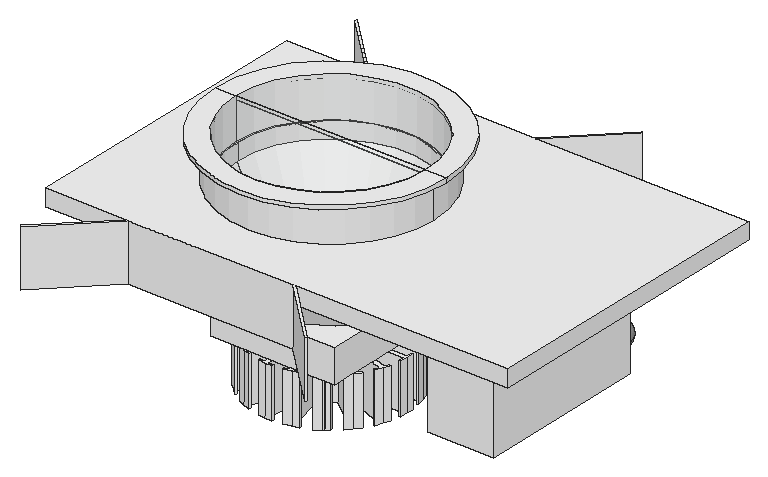
Revit family "LF6LED", category Lighting Fixtures, host Face, Revit 2014
Parameters (values of type "LF6")
  Wire = Wire
  Wattage Comments = "19W"
  Wattage = 21 W
  Warranty = "5-Years Warranty"  # constant formula
  built-in parameter 1150110 = 1 (stored number, unit not read)
  Voltage = if(Is 120V, 120 V, 277 V)  # 120 V
  URL = "https://www.hubbell.com/hubbell/en/OHW/Lighting-Controls/Commercial-Indoor-Lighting/Recessed-Downlights/LF6/p/2200693"
  Type Comments = "Lighting Fixture"  # constant formula
  built-in parameter 1114217 = 1 (stored number, unit not read)
  Tilt Angle = -90.00°
  built-in parameter 1150109 = 1 (stored number, unit not read)
  built-in parameter 1150134 = 3
  built-in parameter 1150113 = 1 (stored number, unit not read)
  Steel = Steel
  Product Page URL = "https://www.hubbell.com/hubbell/en/OHW/Lighting-Controls/Commercial-Indoor-Lighting/Recessed-Downlights/LF6/p/2200693"
  Product Documentation Link = "https://hubbellcdn.com/catalogpage/pre_lf6ml_psg.pdf"
  Photometric Web Link = "https://www.hubbell.com/hubbell/en/OHW/Lighting-Controls/Commercial-Indoor-Lighting/Recessed-Downlights/LF6/p/2200693#prod-detail-section"
  Photometric Web File = "LF6ML-6LFML30L30K8.IES"
  Photometric Notes = "More IES files download on Photometric Link"  # constant formula
  Mounting = "Recessed"  # constant formula
  Model = "LF6LED"  # constant formula
  Manufacturer = "Prescolite"  # constant formula
  built-in parameter 1150105 = 111.97 (stored number, unit not read)
  Lumens = 1407 lm
  built-in parameter 1150115 = 1 (stored number, unit not read)
  Load Classification = Lighting
  built-in parameter 1150137 = (empty or 0)
  built-in parameter 1150139 = (empty or 0)
  built-in parameter 1150112 = 1 (stored number, unit not read)
  built-in parameter 1150114 = 1 (stored number, unit not read)
  Lamp = "LED"
  Is 277V = not(Is 120V)  # no
  Is 120V = yes
  built-in parameter 1150132 = (empty or 0)
  built-in parameter 1150102 = (empty or 0)
  built-in parameter 1150107 = 3200 (stored number, unit not read)
  built-in parameter 1150138 = (empty or 0)
  built-in parameter 1150106 = 1.1197 (stored number, unit not read)
  Glass = Glass
  Emit from Circle Diameter = 5.500"  # constant formula
  Emit Shape Visible in Rendering = no
  built-in parameter 1150104 = 6.2245 (stored number, unit not read)
  Dimming Lamp Color Temperature Shift = <None>
  Description = "6'' architectural LED downlight with color consistency from fixture to fixture"  # constant formula
  Default Elevation = 48.000"
  Create Date = "07/30/2018"  # constant formula
  Copyright = "Copyright © 2018 Hubbell "  # constant formula
  Contact Us = "https://www.hubbell.com/hubbell/en/contactUs?productId=2200693"
  Color Filter = 16777215
  built-in parameter 1114218 = 1 (stored number, unit not read)
  Backbox = Paint-Hubbell-White
  built-in parameter 1150133 = 10 (stored number, unit not read)
  Assembly Code = "D5020200"
  Apparent Load = 0 VA
Reference planes (in)
  plane 1 "Center (Front/Back)": y = 0.03999
  plane 2: z = 0
  plane 3 "Center (Left/Right)": x = -8.24832
  plane 4: x = -13.24832
  plane 5: x = 0.75168
  plane 6: y = 4.60249
  plane 7: y = -4.52251
  plane 8: y = -6.33501
  plane 9: y = 6.41499
  plane 10: z = -0.5
  plane 11: z = -4
  plane 12: z = -3
  plane 13: z = -3.5
  plane 14: z = -5.5
Forms (in)
  Extrusion 1, void
    sketch origin (0, 0, 0) x (1, 0, 0) y (0, 1, 0)
      loop
        line (-13.24832, 4.60249) -> (-13.24832, -4.52251) -> (0.75168, -4.52251) -> (0.75168, 4.60249) -> (-13.24832, 4.60249)
    from 0 to -6.75
  Extrusion 2, solid, material "Paint-Hubbell-White" <- "Backbox"
    sketch origin (0, 0, 0) x (1, 0, 0) y (0, 1, 0)
      loop
        line (-13.24832, 4.60249) -> (-13.24832, -4.52251) -> (0.75168, -4.52251) -> (0.75168, 4.60249) -> (-13.24832, 4.60249)
    from 0 to -0.5
  Extrusion 3, solid, material "Paint-Hubbell-White" <- "Backbox"
    sketch origin (0, 0, 0) x (1, 0, 0) y (0, 1, 0)
      loop
        circle (-8.24832, 0.03999) r 1
    from -3.75 to -5.5
  Extrusion 4, solid, material "Paint-Hubbell-White" <- "Backbox"
    sketch origin (0, 0, 0) x (1, 0, 0) y (0, 1, 0)
      loop
        line (-10.17454, 2.19084) -> (-10.17454, -2.11086) -> (-6.42646, -2.11086) -> (-6.42646, 2.19084) -> (-10.17454, 2.19084)
    from -3 to -4
  Revolve 5, solid, material "Paint-Hubbell-White" <- "Backbox"
    sketch origin (0, 0.03999, 0) x (1, 0, 0) y (0, 0, 1)
      loop
        line (-11.12332, -0.5) -> (-11.23496, -0.5) -> (-9.99429, -3) -> (-9.88266, -3) -> (-11.12332, -0.5)
      axis (-8.24832, -0.5) -> (-8.24832, -3)
    angle from 0 to 360
  Revolve 6, solid, material "Paint-Hubbell-White" <- "Backbox"
    sketch origin (0, 0.03999, 0) x (1, 0, 0) y (0, 0, 1)
      loop
        line (-11.12332, 0) -> (-11.12332, 1.25) -> (-11.74832, 1.25) -> (-11.74832, 1.13811) -> (-11.37332, 1.13811) -> (-11.37332, -0.5) -> (-11.12332, -0.5) -> (-11.12332, 0)
      axis (-8.24832, 1.25) -> (-8.24832, -0.5)
    angle from 0 to 360
  Revolve 7, void
    sketch origin (0, 0.03999, 0) x (1, 0, 0) y (0, 0, 1)
      loop
        line (-11.08737, 1.25) -> (-11.08737, -0.5) -> (-8.24832, -0.5) -> (-8.24832, 1.25) -> (-11.08737, 1.25)
      axis (-8.24832, 1.25) -> (-8.24832, -0.5)
    angle from 0 to 360
  Extrusion 8, solid, material "Paint-Hubbell-White" <- "Backbox"
    sketch origin (-0.03549, 0, 0.25) x (1, 0, 0) y (0, 1, 0)
      loop
        line (-8.19247, 1.03843) -> (-8.19247, 2.19084) -> (-8.10471, 2.19084) -> (-8.10471, 2.24642) -> (-8.24832, 2.24642) -> (-8.39194, 2.24642) -> (-8.39194, 2.19084) -> (-8.30418, 2.19084) -> (-8.30418, 1.03843)
        arc (-8.30418, 1.03843) -> (-8.24832, 1.03999) -> (-8.19247, 1.03843) r 1
    from -7 to -4
  Extrusion 9, solid, material "Paint-Hubbell-White" <- "Backbox"
    sketch origin (0, 0, 0) x (1, 0, 0) y (0, 1, 0)
      loop
        line (-3.2799, 2.66499) -> (-3.2799, -2.49278) -> (-1.2799, -2.49278) -> (-1.2799, 2.66499) -> (-3.2799, 2.66499)
    from -4 to 0
  Extrusion 10, solid, material "Paint-Hubbell-White" <- "Backbox"
    sketch origin (0, 0, 0) x (1, 0, 0) y (0, 1, 0)
      loop
        line (-10.74832, -4.52251) -> (-8.24832, -4.52251) -> (-5.74832, -4.52251) -> (-3.93582, -6.33501) -> (-3.90047, -6.29965) -> (-5.72761, -4.47251) -> (-8.24832, -4.47251) -> (-10.76904, -4.47251) -> (-12.59618, -6.29965) -> (-12.56082, -6.33501) -> (-10.74832, -4.52251)
      loop
        line (-10.74832, 4.60249) -> (-12.56082, 6.41499) -> (-12.59618, 6.37964) -> (-10.76904, 4.55249) -> (-8.24832, 4.55249) -> (-5.72761, 4.55249) -> (-3.90047, 6.37964) -> (-3.93582, 6.41499) -> (-5.74832, 4.60249) -> (-8.24832, 4.60249) -> (-10.74832, 4.60249)
    from 0 to -1.71847
  Extrusion 11, solid, material "Paint-Hubbell-White" <- "Backbox"
    sketch origin (-8.24832, 0, 0) x (0, 1, 0) y (0, 0, 1)
      loop
        line (2.07039, -3) -> (2.12039, -3) -> (2.12039, -2.6087) -> (3.12661, -0.55) -> (3.43413, -0.55) -> (3.43413, -0.5) -> (3.09804, -0.5) -> (2.07039, -2.60256) -> (2.07039, -3)
      loop
        line (-1.99041, -3) -> (-1.99041, -2.60256) -> (-3.01806, -0.5) -> (-3.35415, -0.5) -> (-3.35415, -0.55) -> (-3.04662, -0.55) -> (-2.04041, -2.6087) -> (-2.04041, -3) -> (-1.99041, -3)
    from -0.44169 to 0.61969
  Revolve 12, solid, material "Glass" <- "Glass"
    sketch origin (0, 0.03999, 0) x (1, 0, 0) y (0, 0, 1)
      loop
        line (-11.12332, 1.25) -> (-11.12332, 1.13811) -> (-8.24832, 1.13811) -> (-8.24832, 1.25) -> (-11.12332, 1.25)
      axis (-8.24832, 1.25) -> (-8.24832, 1.13811)
    angle from 0 to 360
  Sweep 13, solid, material "Wire" <- "Wire"
    path in 3D
      loop
        line (-6.98009, 1.93004, -3.5) -> (-6.98009, 2.5865, -3.5)
        arc (-6.98009, 2.5865, -3.5) -> (-6.6598, 3.35975, -3.5) -> (-5.88655, 3.68004, -3.5) r 1.09354
        line (-5.88655, 3.68004, -3.5) -> (-2.63573, 3.68004, -3.5)
        arc (-2.63573, 3.68004, -3.5) -> (-2.1054, 3.46037, -3.5) -> (-1.88573, 2.93004, -3.5) r 0.75
        line (-1.88573, 2.93004, -3.5) -> (-1.88573, 2.40419, -3.5)
    profile origin (-6.98009, 2.25827, -3.5) x (-1, 0, 0) y (0, 0, 1)
      loop
        circle (0, 0) r 0.25
  Extrusion 14, solid, material "Paint-Hubbell-White" <- "Backbox"
    sketch origin (-16.83938, -180, -3.5) x (-1, 0, 0) y (0, -1, 0)
      loop
        line (-8.66043, -180.96899) -> (-8.66043, -182.32697) -> (-8.81108, -182.32697) -> (-8.81108, -182.38155) -> (-8.59106, -182.38155) -> (-8.37103, -182.38155) -> (-8.37103, -182.32697) -> (-8.52168, -182.32697) -> (-8.52168, -180.96899) -> (-8.66043, -180.96899)
    from -2 to -0.5
  Extrusion 15, solid, material "Paint-Hubbell-White" <- "Backbox"
    sketch origin (-46.54778, 176.1688, -3.5) x (0.965926, 0.258819, 0) y (-0.258819, 0.965926, 0)
      loop
        line (-8.66043, -180.96899) -> (-8.66043, -182.32697) -> (-8.81108, -182.32697) -> (-8.81108, -182.38155) -> (-8.59106, -182.38155) -> (-8.37103, -182.38155) -> (-8.37103, -182.32697) -> (-8.52168, -182.32697) -> (-8.52168, -180.96899) -> (-8.66043, -180.96899)
    from -2 to -0.5
  Extrusion 16, solid, material "Paint-Hubbell-White" <- "Backbox"
    sketch origin (-73.03396, -168.15937, -3.5) x (-0.949243, 0.314545, 0) y (-0.314545, -0.949243, 0)
      loop
        line (-8.66043, -180.96899) -> (-8.66043, -182.32697) -> (-8.81108, -182.32697) -> (-8.81108, -182.38155) -> (-8.59106, -182.38155) -> (-8.37103, -182.38155) -> (-8.37103, -182.32697) -> (-8.52168, -182.32697) -> (-8.52168, -180.96899) -> (-8.66043, -180.96899)
    from -2 to -0.5
  Extrusion 17, solid, material "Paint-Hubbell-White" <- "Backbox"
    sketch origin (-122.65184, -139.24404, -3.5) x (-0.802123, 0.597159, 0) y (-0.597159, -0.802123, 0)
      loop
        line (-8.66043, -180.96899) -> (-8.66043, -182.32697) -> (-8.81108, -182.32697) -> (-8.81108, -182.38155) -> (-8.59106, -182.38155) -> (-8.37103, -182.38155) -> (-8.37103, -182.32697) -> (-8.52168, -182.32697) -> (-8.52168, -180.96899) -> (-8.66043, -180.96899)
    from -2 to -0.5
  Extrusion 18, solid, material "Paint-Hubbell-White" <- "Backbox"
    sketch origin (-160.65608, -96.18932, -3.5) x (-0.573576, 0.819152, 0) y (-0.819152, -0.573576, 0)
      loop
        line (-8.66043, -180.96899) -> (-8.66043, -182.32697) -> (-8.81108, -182.32697) -> (-8.81108, -182.38155) -> (-8.59106, -182.38155) -> (-8.37103, -182.38155) -> (-8.37103, -182.32697) -> (-8.52168, -182.32697) -> (-8.52168, -180.96899) -> (-8.66043, -180.96899)
    from -2 to -0.5
  Extrusion 19, solid, material "Paint-Hubbell-White" <- "Backbox"
    sketch origin (-183.18869, -43.36592, -3.5) x (-0.286803, 0.95799, 0) y (-0.95799, -0.286803, 0)
      loop
        line (-8.66043, -180.96899) -> (-8.66043, -182.32697) -> (-8.81108, -182.32697) -> (-8.81108, -182.38155) -> (-8.59106, -182.38155) -> (-8.37103, -182.38155) -> (-8.37103, -182.32697) -> (-8.52168, -182.32697) -> (-8.52168, -180.96899) -> (-8.66043, -180.96899)
    from -2 to -0.5
  Extrusion 20, solid, material "Paint-Hubbell-White" <- "Backbox"
    sketch origin (-187.96228, 13.86382, -3.5) x (0.029085, 0.999577, 0) y (-0.999577, 0.029085, 0)
      loop
        line (-8.66043, -180.96899) -> (-8.66043, -182.32697) -> (-8.81108, -182.32697) -> (-8.81108, -182.38155) -> (-8.59106, -182.38155) -> (-8.37103, -182.38155) -> (-8.37103, -182.32697) -> (-8.52168, -182.32697) -> (-8.52168, -180.96899) -> (-8.66043, -180.96899)
    from -2 to -0.5
  Extrusion 21, solid, material "Paint-Hubbell-White" <- "Backbox"
    sketch origin (-174.49226, 69.69025, -3.5) x (0.34202, 0.939693, 0) y (-0.939693, 0.34202, 0)
      loop
        line (-8.66043, -180.96899) -> (-8.66043, -182.32697) -> (-8.81108, -182.32697) -> (-8.81108, -182.38155) -> (-8.59106, -182.38155) -> (-8.37103, -182.38155) -> (-8.37103, -182.32697) -> (-8.52168, -182.32697) -> (-8.52168, -180.96899) -> (-8.66043, -180.96899)
    from -2 to -0.5
  Extrusion 22, solid, material "Paint-Hubbell-White" <- "Backbox"
    sketch origin (-144.14604, 118.44614, -3.5) x (0.620235, 0.784416, 0) y (-0.784416, 0.620235, 0)
      loop
        line (-8.66043, -180.96899) -> (-8.66043, -182.32697) -> (-8.81108, -182.32697) -> (-8.81108, -182.38155) -> (-8.59106, -182.38155) -> (-8.37103, -182.38155) -> (-8.37103, -182.32697) -> (-8.52168, -182.32697) -> (-8.52168, -180.96899) -> (-8.66043, -180.96899)
    from -2 to -0.5
  Extrusion 23, solid, material "Paint-Hubbell-White" <- "Backbox"
    sketch origin (-100.00419, 155.18207, -3.5) x (0.835488, 0.549509, 0) y (-0.549509, 0.835488, 0)
      loop
        line (-8.66043, -180.96899) -> (-8.66043, -182.32697) -> (-8.81108, -182.32697) -> (-8.81108, -182.38155) -> (-8.59106, -182.38155) -> (-8.37103, -182.38155) -> (-8.37103, -182.32697) -> (-8.52168, -182.32697) -> (-8.52168, -180.96899) -> (-8.66043, -180.96899)
    from -2 to -0.5
  Extrusion 24, solid, material "Paint-Hubbell-White" <- "Backbox"
    sketch origin (9.75352, 179.38362, -3.5) x (0.99863, -0.052336, 0) y (0.052336, 0.99863, 0)
      loop
        line (-8.66043, -180.96899) -> (-8.66043, -182.32697) -> (-8.81108, -182.32697) -> (-8.81108, -182.38155) -> (-8.59106, -182.38155) -> (-8.37103, -182.38155) -> (-8.37103, -182.32697) -> (-8.52168, -182.32697) -> (-8.52168, -180.96899) -> (-8.66043, -180.96899)
    from -2 to -0.5
  Extrusion 25, solid, material "Paint-Hubbell-White" <- "Backbox"
    sketch origin (44.25377, -172.38894, -3.5) x (-0.941666, -0.336547, 0) y (0.336547, -0.941666, 0)
      loop
        line (-8.66043, -180.96899) -> (-8.66043, -182.32697) -> (-8.81108, -182.32697) -> (-8.81108, -182.38155) -> (-8.59106, -182.38155) -> (-8.37103, -182.38155) -> (-8.37103, -182.32697) -> (-8.52168, -182.32697) -> (-8.52168, -180.96899) -> (-8.66043, -180.96899)
    from -2 to -0.5
  Extrusion 26, solid, material "Paint-Hubbell-White" <- "Backbox"
    sketch origin (99.22166, -144.6611, -3.5) x (-0.773472, -0.633831, 0) y (0.633831, -0.773472, 0)
      loop
        line (-8.66043, -180.96899) -> (-8.66043, -182.32697) -> (-8.81108, -182.32697) -> (-8.81108, -182.38155) -> (-8.59106, -182.38155) -> (-8.37103, -182.38155) -> (-8.37103, -182.32697) -> (-8.52168, -182.32697) -> (-8.52168, -180.96899) -> (-8.66043, -180.96899)
    from -2 to -0.5
  Extrusion 27, solid, material "Paint-Hubbell-White" <- "Backbox"
    sketch origin (141.65135, -100.05143, -3.5) x (-0.515038, -0.857167, 0) y (0.857167, -0.515038, 0)
      loop
        line (-8.66043, -180.96899) -> (-8.66043, -182.32697) -> (-8.81108, -182.32697) -> (-8.81108, -182.38155) -> (-8.59106, -182.38155) -> (-8.37103, -182.38155) -> (-8.37103, -182.32697) -> (-8.52168, -182.32697) -> (-8.52168, -180.96899) -> (-8.66043, -180.96899)
    from -2 to -0.5
  Extrusion 28, solid, material "Paint-Hubbell-White" <- "Backbox"
    sketch origin (166.59269, -43.76439, -3.5) x (-0.196517, -0.9805, 0) y (0.9805, -0.196517, 0)
      loop
        line (-8.66043, -180.96899) -> (-8.66043, -182.32697) -> (-8.81108, -182.32697) -> (-8.81108, -182.38155) -> (-8.59106, -182.38155) -> (-8.37103, -182.38155) -> (-8.37103, -182.32697) -> (-8.52168, -182.32697) -> (-8.52168, -180.96899) -> (-8.66043, -180.96899)
    from -2 to -0.5
  Extrusion 29, solid, material "Paint-Hubbell-White" <- "Backbox"
    sketch origin (171.13586, 17.63317, -3.5) x (0.144932, -0.989442, 0) y (0.989442, 0.144932, 0)
      loop
        line (-8.66043, -180.96899) -> (-8.66043, -182.32697) -> (-8.81108, -182.32697) -> (-8.81108, -182.38155) -> (-8.59106, -182.38155) -> (-8.37103, -182.38155) -> (-8.37103, -182.32697) -> (-8.52168, -182.32697) -> (-8.52168, -180.96899) -> (-8.66043, -180.96899)
    from -2 to -0.5
  Extrusion 30, solid, material "Paint-Hubbell-White" <- "Backbox"
    sketch origin (154.75081, 76.9782, -3.5) x (0.469472, -0.882948, 0) y (0.882948, 0.469472, 0)
      loop
        line (-8.66043, -180.96899) -> (-8.66043, -182.32697) -> (-8.81108, -182.32697) -> (-8.81108, -182.38155) -> (-8.59106, -182.38155) -> (-8.37103, -182.38155) -> (-8.37103, -182.32697) -> (-8.52168, -182.32697) -> (-8.52168, -180.96899) -> (-8.66043, -180.96899)
    from -2 to -0.5
  Extrusion 31, solid, material "Paint-Hubbell-White" <- "Backbox"
    sketch origin (119.34914, 127.34707, -3.5) x (0.739239, -0.673443, 0) y (0.673443, 0.739239, 0)
      loop
        line (-8.66043, -180.96899) -> (-8.66043, -182.32697) -> (-8.81108, -182.32697) -> (-8.81108, -182.38155) -> (-8.59106, -182.38155) -> (-8.37103, -182.38155) -> (-8.37103, -182.32697) -> (-8.52168, -182.32697) -> (-8.52168, -180.96899) -> (-8.66043, -180.96899)
    from -2 to -0.5
  Extrusion 32, solid, material "Paint-Hubbell-White" <- "Backbox"
    sketch origin (69.06106, 162.8634, -3.5) x (0.922762, -0.385369, 0) y (0.385369, 0.922762, 0)
      loop
        line (-8.66043, -180.96899) -> (-8.66043, -182.32697) -> (-8.81108, -182.32697) -> (-8.81108, -182.38155) -> (-8.59106, -182.38155) -> (-8.37103, -182.38155) -> (-8.37103, -182.32697) -> (-8.52168, -182.32697) -> (-8.52168, -180.96899) -> (-8.66043, -180.96899)
    from -2 to -0.5
  Revolve 33, void
    sketch origin (0, 0.03999, 0) x (1, 0, 0) y (0, 0, 1)
      loop
        line (-11.23496, -0.5) -> (-9.99429, -3) -> (-8.24832, -3) -> (-8.24832, -0.5) -> (-11.23496, -0.5)
      axis (-8.24832, -0.5) -> (-8.24832, -3)
    angle from 0 to 360
Cuts and joins
  Revolve 7 cuts Revolve 6
  joined: Revolve 5, Revolve 6
  Revolve 7, Revolve 33 cuts Extrusion 2
  Revolve 33 cuts Extrusion 3
  Revolve 33 cuts Extrusion 4
  Revolve 33 cuts Extrusion 8
  Revolve 33 cuts Extrusion 9
  Revolve 33 cuts Extrusion 10
  Revolve 33 cuts Extrusion 11
  Revolve 33 cuts Extrusion 14
  Revolve 33 cuts Extrusion 15
  Revolve 33 cuts Extrusion 16
  Revolve 33 cuts Extrusion 17
  Revolve 33 cuts Extrusion 18
  Revolve 33 cuts Extrusion 19
  Revolve 33 cuts Extrusion 20
  Revolve 33 cuts Extrusion 21
  Revolve 33 cuts Extrusion 22
  Revolve 33 cuts Extrusion 23
  Revolve 33 cuts Extrusion 24
  Revolve 33 cuts Extrusion 25
  Revolve 33 cuts Extrusion 26
  Revolve 33 cuts Extrusion 27
  Revolve 33 cuts Extrusion 28
  Revolve 33 cuts Extrusion 29
  Revolve 33 cuts Extrusion 30
  Revolve 33 cuts Extrusion 31
  Revolve 33 cuts Extrusion 32
  joined: Extrusion 2, Extrusion 3, Extrusion 4, Extrusion 8, Extrusion 9, Extrusion 10, Extrusion 11, Extrusion 14, Extrusion 15, Extrusion 16, Extrusion 17, Extrusion 18, Extrusion 19, Extrusion 20, Extrusion 21, Extrusion 22, Extrusion 23, Extrusion 24, Extrusion 25, Extrusion 26, Extrusion 27, Extrusion 28, Extrusion 29, Extrusion 30, Extrusion 31, Extrusion 32
Lines and regions (in)
  reference lines
    curve 1: line (-6.98009, 1.93004, -3.5) -> (-6.98009, 2.5865, -3.5)
    curve 2: arc (-6.98009, 2.5865, -3.5) -> (-6.6598, 3.35975, -3.5) -> (-5.88655, 3.68004, -3.5) r 1.09354
    curve 3: line (-5.88655, 3.68004, -3.5) -> (-2.63573, 3.68004, -3.5)
    curve 4: arc (-1.88573, 2.93004, -3.5) -> (-2.1054, 3.46037, -3.5) -> (-2.63573, 3.68004, -3.5) r 0.75
    curve 5: line (-1.88573, 2.93004, -3.5) -> (-1.88573, 2.40419, -3.5)
  sketch lines
    curve 6: line (-6.98009, 1.93004, -3.5) -> (-6.98009, 2.5865, -3.5)
    curve 7: arc (-6.98009, 2.5865, -3.5) -> (-6.6598, 3.35975, -3.5) -> (-5.88655, 3.68004, -3.5) r 1.09354
    curve 8: line (-5.88655, 3.68004, -3.5) -> (-2.63573, 3.68004, -3.5)
    curve 9: arc (-1.88573, 2.93004, -3.5) -> (-2.1054, 3.46037, -3.5) -> (-2.63573, 3.68004, -3.5) r 0.75
    curve 10: line (-1.88573, 2.93004, -3.5) -> (-1.88573, 2.40419, -3.5)
Dimensions and locks (in)
  equal spacing: plane 7, plane 1 "Center (Front/Back)", plane 6
  locked: plane 6 to plane 7 at 9.125
  equal spacing: plane 9, plane 1 "Center (Front/Back)", plane 8
  locked: plane 9 to plane 8 at 12.75
  locked: plane 4 to plane 5 at 14
  locked: plane 4 to plane 3 "Center (Left/Right)" at 5
  locked: host face to plane 10 at 0.5
  locked: plane 12 to plane 11 at 1
  locked: Revolve 6 sketch curve to host face at 1.25
  locked: Revolve 6 sketch curve to Revolve 6 sketch curve at 3.5
  Revolve 5 sketch curve to Revolve 5 sketch curve = 2.875"
  locked: Revolve 6 sketch curve to Revolve 6 sketch curve at 2.875
  locked: plane 13 to plane 11 at 0.5
  plane 11 to plane 14 = 1.500"
  plane 2 to plane 14 = 5.500"
  cut or joined group of Revolve 5, Revolve 6, Revolve 7 to plane 2 = 1.250"
  aligned and locked: plane 2 to host face
  aligned and locked: level to host face
  aligned and locked: plane 4 to Extrusion 1 sketch curve
  aligned and locked: Extrusion 1 sketch curve to plane 5
  aligned and locked: Extrusion 2 sketch curve to plane 6
  aligned and locked: plane 4 to Extrusion 2 sketch curve
  aligned and locked: Extrusion 2 sketch curve to plane 7
  aligned and locked: Extrusion 2 sketch curve to plane 5
  aligned and locked: Extrusion 2 to plane 10
  aligned and locked: plane 12 to Extrusion 4
  aligned and locked: Revolve 5 sketch curve to plane 3 "Center (Left/Right)"
  aligned and locked: Revolve 7 sketch curve to plane 3 "Center (Left/Right)"  (x2)
  aligned and locked: Revolve 6 to Revolve 7 sketch curve
  aligned and locked: Extrusion 1 to Extrusion 8
  aligned and locked: Extrusion 3 to Extrusion 8
  aligned and locked: level to Extrusion 9
  aligned and locked: Revolve 12 sketch curve to plane 3 "Center (Left/Right)"  (x2)
  aligned and locked: cut or joined group of Revolve 5, Revolve 6, Revolve 7 to Revolve 12 sketch curve
  aligned and locked: Revolve 12 sketch curve to cut or joined group of Revolve 5, Revolve 6, Revolve 7  (x2)
  aligned and locked: Revolve 6 sketch curve to plane 3 "Center (Left/Right)"
  aligned and locked: Extrusion 1 sketch curve to plane 7
  aligned and locked: Revolve 33 sketch curve to imposter light
  aligned and locked: plane 2 to imposter light
  aligned and locked: plane 3 "Center (Left/Right)" to imposter light
  aligned and locked: imposter light to plane 1 "Center (Front/Back)"
  aligned and locked: Extrusion 22 to plane 14
  aligned and locked: Extrusion 3 to Extrusion 14
  aligned and locked: Extrusion 3 to Extrusion 25
Automatic sketch dimensions
  host sketch curve to host sketch curve = 96.000"  (x2)
  plane 1 "Center (Front/Back)" to Extrusion 3 sketch curve = 0.000"
  Extrusion 3 sketch curve to plane 3 "Center (Left/Right)" = 0.000"
  Extrusion 4 sketch curve to plane 3 "Center (Left/Right)" = 1.92621"
  plane 3 "Center (Left/Right)" to Extrusion 4 sketch curve = 1.82187"
  plane 1 "Center (Front/Back)" to Extrusion 4 sketch curve = 2.15085"
  Extrusion 4 sketch curve to plane 1 "Center (Front/Back)" = 2.15085"
  Extrusion 8 sketch curve to Extrusion 8 sketch curve = 0.08777"  (x2)
  Extrusion 8 sketch curve to Extrusion 8 sketch curve = 1.15241"
  Extrusion 8 sketch curve to Extrusion 8 sketch curve = 0.000"
  Extrusion 8 sketch curve to Extrusion 8 sketch curve = 0.05558"
  Extrusion 8 sketch curve to Extrusion 8 sketch curve = 0.05585"  (x2)
  Extrusion 8 sketch curve to Extrusion 8 sketch curve = 0.1117"
  Extrusion 8 sketch curve to Extrusion 8 sketch curve = 0.99844"
  Extrusion 9 sketch curve to plane 5 = 4.03157"
  Extrusion 9 sketch curve to Extrusion 9 sketch curve = 2.000"
  plane 1 "Center (Front/Back)" to Extrusion 9 sketch curve = 2.53277"
  Extrusion 9 sketch curve to plane 1 "Center (Front/Back)" = 2.625"
  Extrusion 10 sketch curve to plane 8 = 0.000"  (x2)
  Extrusion 10 sketch curve to plane 9 = 0.000"  (x2)
  plane 7 to Extrusion 10 sketch curve = 0.000"
  Extrusion 10 sketch curve to plane 6 = 0.000"
  Extrusion 10 sketch curve to plane 3 "Center (Left/Right)" = 0.000"  (x4)
  Extrusion 10 sketch curve to plane 3 "Center (Left/Right)" = 2.500"  (x2)
  Extrusion 10 sketch curve to plane 7 = 0.050"
  Extrusion 10 sketch curve to Extrusion 10 sketch curve = 0.02071"  (x4)
  Extrusion 10 sketch curve to plane 6 = 0.050"
  plane 4 to Extrusion 10 sketch curve = 0.6875"  (x2)
  Extrusion 10 sketch curve to Extrusion 10 sketch curve = 2.500"
  plane 3 "Center (Left/Right)" to Extrusion 10 sketch curve = 2.500"
  Extrusion 10 sketch curve to Extrusion 10 sketch curve = 1.8125"  (x2)
  Revolve 12 sketch curve to plane 10 = 1.03381"
  Revolve 12 sketch curve to Revolve 12 sketch curve = 0.81467"
  plane 3 "Center (Left/Right)" to curve 2 = 2.36177"
  curve 2 to curve 2 = 1.09354"
  curve 2 to plane 6 = 0.92245"
  curve 1 to curve 1 = 0.65646"
  curve 3 to curve 2 = 3.25082"
  curve 4 to curve 4 = 0.750"
  curve 5 to curve 5 = 0.52585"
  Revolve 5 sketch curve to plane 10 = 0.000"
  Revolve 5 sketch curve to plane 12 = 0.000"
  Revolve 5 sketch curve to Revolve 5 sketch curve = 0.11164"  (x2)
  Revolve 5 sketch curve to plane 3 "Center (Left/Right)" = 1.74597"
  Revolve 5 sketch curve to plane 11 = 0.87504"
  level to Revolve 5 sketch curve = 2.37496"
  Extrusion 11 sketch curve to plane 10 = 0.000"  (x2)
  Extrusion 11 sketch curve to plane 12 = 0.000"  (x2)
  Extrusion 11 sketch curve to plane 7 = 1.16836"
  Extrusion 11 sketch curve to plane 10 = 0.050"  (x2)
  Extrusion 11 sketch curve to Extrusion 11 sketch curve = 0.30752"  (x2)
  Extrusion 11 sketch curve to Extrusion 11 sketch curve = 0.02856"  (x2)
  plane 12 to Extrusion 11 sketch curve = 0.3913"  (x2)
  plane 1 "Center (Front/Back)" to Extrusion 11 sketch curve = 2.0804"
  plane 12 to Extrusion 11 sketch curve = 0.39744"  (x2)
  Extrusion 11 sketch curve to Extrusion 11 sketch curve = 0.050"  (x2)
  Extrusion 11 sketch curve to plane 1 "Center (Front/Back)" = 2.0304"
  Extrusion 11 sketch curve to plane 6 = 1.50445"
  Sweep 13 sketch curve to profile plane = 0.000"  (x2)
  Extrusion 14 sketch curve to Extrusion 14 sketch curve = 0.15066"  (x2)
  Extrusion 14 sketch curve to Extrusion 14 sketch curve = 0.05458"  (x2)
  Extrusion 14 sketch curve to Extrusion 14 sketch curve = 0.06937"
  Extrusion 14 sketch curve to Extrusion 14 sketch curve = 0.13875"
  Extrusion 14 sketch curve to Extrusion 14 sketch curve = 1.35798"
  Extrusion 15 sketch curve to Extrusion 15 sketch curve = 0.15066"  (x2)
  Extrusion 15 sketch curve to Extrusion 15 sketch curve = 0.05458"  (x2)
  Extrusion 15 sketch curve to Extrusion 15 sketch curve = 0.06937"
  Extrusion 15 sketch curve to Extrusion 15 sketch curve = 0.13875"
  Extrusion 15 sketch curve to Extrusion 15 sketch curve = 1.35798"
  Extrusion 16 sketch curve to Extrusion 16 sketch curve = 0.15066"  (x2)
  Extrusion 16 sketch curve to Extrusion 16 sketch curve = 0.05458"  (x2)
  Extrusion 16 sketch curve to Extrusion 16 sketch curve = 0.06937"
  Extrusion 16 sketch curve to Extrusion 16 sketch curve = 0.13875"
  Extrusion 16 sketch curve to Extrusion 16 sketch curve = 1.35798"
  Extrusion 17 sketch curve to Extrusion 17 sketch curve = 0.15066"  (x2)
  Extrusion 17 sketch curve to Extrusion 17 sketch curve = 0.05458"  (x2)
  Extrusion 17 sketch curve to Extrusion 17 sketch curve = 0.06937"
  Extrusion 17 sketch curve to Extrusion 17 sketch curve = 0.13875"
  Extrusion 17 sketch curve to Extrusion 17 sketch curve = 1.35798"
  Extrusion 18 sketch curve to Extrusion 18 sketch curve = 0.15066"  (x2)
  Extrusion 18 sketch curve to Extrusion 18 sketch curve = 0.05458"  (x2)
  Extrusion 18 sketch curve to Extrusion 18 sketch curve = 0.06937"
  Extrusion 18 sketch curve to Extrusion 18 sketch curve = 0.13875"
  Extrusion 18 sketch curve to Extrusion 18 sketch curve = 1.35798"
  Extrusion 19 sketch curve to Extrusion 19 sketch curve = 0.15066"  (x2)
  Extrusion 19 sketch curve to Extrusion 19 sketch curve = 0.05458"  (x2)
  Extrusion 19 sketch curve to Extrusion 19 sketch curve = 0.06937"
  Extrusion 19 sketch curve to Extrusion 19 sketch curve = 0.13875"
  Extrusion 19 sketch curve to Extrusion 19 sketch curve = 1.35798"
  Extrusion 20 sketch curve to Extrusion 20 sketch curve = 0.15066"  (x2)
  Extrusion 20 sketch curve to Extrusion 20 sketch curve = 0.05458"  (x2)
  Extrusion 20 sketch curve to Extrusion 20 sketch curve = 0.06937"
  Extrusion 20 sketch curve to Extrusion 20 sketch curve = 0.13875"
  Extrusion 20 sketch curve to Extrusion 20 sketch curve = 1.35798"
  Extrusion 21 sketch curve to Extrusion 21 sketch curve = 0.15066"  (x2)
  Extrusion 21 sketch curve to Extrusion 21 sketch curve = 0.05458"  (x2)
  Extrusion 21 sketch curve to Extrusion 21 sketch curve = 0.06937"
  Extrusion 21 sketch curve to Extrusion 21 sketch curve = 0.13875"
  Extrusion 21 sketch curve to Extrusion 21 sketch curve = 1.35798"
  Extrusion 22 sketch curve to Extrusion 22 sketch curve = 0.15066"  (x2)
  Extrusion 22 sketch curve to Extrusion 22 sketch curve = 0.05458"  (x2)
  Extrusion 22 sketch curve to Extrusion 22 sketch curve = 0.06937"
  Extrusion 22 sketch curve to Extrusion 22 sketch curve = 0.13875"
  Extrusion 22 sketch curve to Extrusion 22 sketch curve = 1.35798"
  Extrusion 23 sketch curve to Extrusion 23 sketch curve = 0.15066"  (x2)
  Extrusion 23 sketch curve to Extrusion 23 sketch curve = 0.05458"  (x2)
  Extrusion 23 sketch curve to Extrusion 23 sketch curve = 0.06937"
  Extrusion 23 sketch curve to Extrusion 23 sketch curve = 0.13875"
  Extrusion 23 sketch curve to Extrusion 23 sketch curve = 1.35798"
  Extrusion 24 sketch curve to Extrusion 24 sketch curve = 0.15066"  (x2)
  Extrusion 24 sketch curve to Extrusion 24 sketch curve = 0.05458"  (x2)
  Extrusion 24 sketch curve to Extrusion 24 sketch curve = 0.06937"
  Extrusion 24 sketch curve to Extrusion 24 sketch curve = 0.13875"
  Extrusion 24 sketch curve to Extrusion 24 sketch curve = 1.35798"
  Extrusion 25 sketch curve to Extrusion 25 sketch curve = 0.15066"  (x2)
  Extrusion 25 sketch curve to Extrusion 25 sketch curve = 0.05458"  (x2)
  Extrusion 25 sketch curve to Extrusion 25 sketch curve = 0.06937"
  Extrusion 25 sketch curve to Extrusion 25 sketch curve = 0.13875"
  Extrusion 25 sketch curve to Extrusion 25 sketch curve = 1.35798"
  Extrusion 26 sketch curve to Extrusion 26 sketch curve = 0.15066"  (x2)
  Extrusion 26 sketch curve to Extrusion 26 sketch curve = 0.05458"  (x2)
  Extrusion 26 sketch curve to Extrusion 26 sketch curve = 0.06937"
  Extrusion 26 sketch curve to Extrusion 26 sketch curve = 0.13875"
  Extrusion 26 sketch curve to Extrusion 26 sketch curve = 1.35798"
  Extrusion 27 sketch curve to Extrusion 27 sketch curve = 0.15066"  (x2)
  Extrusion 27 sketch curve to Extrusion 27 sketch curve = 0.05458"  (x2)
  Extrusion 27 sketch curve to Extrusion 27 sketch curve = 0.06937"
  Extrusion 27 sketch curve to Extrusion 27 sketch curve = 0.13875"
  Extrusion 27 sketch curve to Extrusion 27 sketch curve = 1.35798"
  Extrusion 28 sketch curve to Extrusion 28 sketch curve = 0.15066"  (x2)
  Extrusion 28 sketch curve to Extrusion 28 sketch curve = 0.05458"  (x2)
  Extrusion 28 sketch curve to Extrusion 28 sketch curve = 0.06937"
  Extrusion 28 sketch curve to Extrusion 28 sketch curve = 0.13875"
  Extrusion 28 sketch curve to Extrusion 28 sketch curve = 1.35798"
  Extrusion 29 sketch curve to Extrusion 29 sketch curve = 0.15066"  (x2)
  Extrusion 29 sketch curve to Extrusion 29 sketch curve = 0.05458"  (x2)
  Extrusion 29 sketch curve to Extrusion 29 sketch curve = 0.06937"
  Extrusion 29 sketch curve to Extrusion 29 sketch curve = 0.13875"
  Extrusion 29 sketch curve to Extrusion 29 sketch curve = 1.35798"
  Extrusion 30 sketch curve to Extrusion 30 sketch curve = 0.15066"  (x2)
  Extrusion 30 sketch curve to Extrusion 30 sketch curve = 0.05458"  (x2)
  Extrusion 30 sketch curve to Extrusion 30 sketch curve = 0.06937"
  Extrusion 30 sketch curve to Extrusion 30 sketch curve = 0.13875"
  Extrusion 30 sketch curve to Extrusion 30 sketch curve = 1.35798"
  Extrusion 31 sketch curve to Extrusion 31 sketch curve = 0.15066"  (x2)
  Extrusion 31 sketch curve to Extrusion 31 sketch curve = 0.05458"  (x2)
  Extrusion 31 sketch curve to Extrusion 31 sketch curve = 0.06937"
  Extrusion 31 sketch curve to Extrusion 31 sketch curve = 0.13875"
  Extrusion 31 sketch curve to Extrusion 31 sketch curve = 1.35798"
  Extrusion 32 sketch curve to Extrusion 32 sketch curve = 0.15066"  (x2)
  Extrusion 32 sketch curve to Extrusion 32 sketch curve = 0.05458"  (x2)
  Extrusion 32 sketch curve to Extrusion 32 sketch curve = 0.06937"
  Extrusion 32 sketch curve to Extrusion 32 sketch curve = 0.13875"
  Extrusion 32 sketch curve to Extrusion 32 sketch curve = 1.35798"
  Extrusion 14 sketch curve to plane 3 "Center (Left/Right)" = 0.000"
  Extrusion 14 sketch curve to plane 6 = 2.22094"
  Extrusion 25 sketch curve to plane 3 "Center (Left/Right)" = 0.58085"
  Extrusion 25 sketch curve to plane 1 "Center (Front/Back)" = 2.27902"
  Extrusion 1 sketch curve to plane 6 = 0.000"
  Revolve 33 sketch curve to plane 10 = 0.000"  (x2)
  Revolve 33 sketch curve to plane 12 = 0.000"
  Revolve 33 sketch curve to plane 3 "Center (Left/Right)" = 0.000"
  Revolve 33 sketch curve to level = 0.000"
  Revolve 33 sketch curve to plane 3 "Center (Left/Right)" = 1.74597"
  Revolve 33 sketch curve to Revolve 33 sketch curve = 0.000"
  plane 11 to Revolve 33 sketch curve = 0.17851"
  plane 4 to Revolve 33 sketch curve = 2.01336"
  Revolve 6 sketch curve to plane 10 = 0.000"
  Revolve 6 sketch curve to level = 0.000"
  Revolve 6 sketch curve to Revolve 6 sketch curve = 0.250"
  plane 12 to Revolve 6 sketch curve = 0.59192"
  Revolve 6 sketch curve to Revolve 6 sketch curve = 0.11189"
  level to Revolve 6 sketch curve = 2.66652"
  Revolve 7 sketch curve to plane 10 = 0.000"
  plane 4 to Revolve 7 sketch curve = 2.16096"
  plane 12 to Revolve 7 sketch curve = 0.60785"
  Revolve 7 sketch curve to Revolve 7 sketch curve = 1.41768"
  plane 3 "Center (Left/Right)" to Extrusion 15 sketch curve = 0.39351"
  Extrusion 15 sketch curve to plane 7 = 2.24378"
  plane 3 "Center (Left/Right)" to Extrusion 16 sketch curve = 0.94539"
  Extrusion 16 sketch curve to plane 1 "Center (Front/Back)" = 2.1535"
  plane 3 "Center (Left/Right)" to Extrusion 17 sketch curve = 1.57477"
  Extrusion 17 sketch curve to plane 1 "Center (Front/Back)" = 1.74683"
  Extrusion 18 sketch curve to plane 1 "Center (Front/Back)" = 1.16283"
  plane 3 "Center (Left/Right)" to Extrusion 18 sketch curve = 2.0443"
  Extrusion 19 sketch curve to plane 1 "Center (Front/Back)" = 0.46078"
  plane 3 "Center (Left/Right)" to Extrusion 19 sketch curve = 2.30629"
  plane 1 "Center (Front/Back)" to Extrusion 20 sketch curve = 0.28804"
  plane 3 "Center (Left/Right)" to Extrusion 20 sketch curve = 2.33417"
  plane 1 "Center (Front/Back)" to Extrusion 21 sketch curve = 1.00762"
  plane 3 "Center (Left/Right)" to Extrusion 21 sketch curve = 2.12509"
  plane 1 "Center (Front/Back)" to Extrusion 22 sketch curve = 1.62491"
  plane 3 "Center (Left/Right)" to Extrusion 22 sketch curve = 1.70029"
  plane 3 "Center (Left/Right)" to Extrusion 23 sketch curve = 1.10288"
  plane 1 "Center (Front/Back)" to Extrusion 23 sketch curve = 2.07725"
  Extrusion 24 sketch curve to plane 3 "Center (Left/Right)" = 0.34227"
  Extrusion 24 sketch curve to plane 7 = 2.23567"
  Extrusion 26 sketch curve to plane 3 "Center (Left/Right)" = 1.31397"
  Extrusion 26 sketch curve to plane 1 "Center (Front/Back)" = 1.95059"
  Extrusion 27 sketch curve to plane 1 "Center (Front/Back)" = 1.39459"
  Extrusion 27 sketch curve to plane 3 "Center (Left/Right)" = 1.89378"
  Extrusion 28 sketch curve to plane 1 "Center (Front/Back)" = 0.67589"
  Extrusion 28 sketch curve to plane 3 "Center (Left/Right)" = 2.25266"
  plane 1 "Center (Front/Back)" to Extrusion 29 sketch curve = 0.12166"
  Extrusion 29 sketch curve to plane 3 "Center (Left/Right)" = 2.34873"
  plane 1 "Center (Front/Back)" to Extrusion 30 sketch curve = 0.90502"
  Extrusion 30 sketch curve to plane 3 "Center (Left/Right)" = 2.17077"
  plane 1 "Center (Front/Back)" to Extrusion 31 sketch curve = 1.5828"
  Extrusion 31 sketch curve to plane 3 "Center (Left/Right)" = 1.73956"
  Extrusion 32 sketch curve to plane 3 "Center (Left/Right)" = 1.1054"
  plane 1 "Center (Front/Back)" to Extrusion 32 sketch curve = 2.07591"
  radius of Extrusion 3 sketch curve = 1.000"
  radius of Sweep 13 sketch curve = 0.250"
Connectors (in)
  electrical at (-8.2088, 0.03689, -5.5), driven by "Description", driven by "Load Classification", driven by "Apparent Load"
    settings: on cut or joined group of Extrusion 2, Extrusion 3, Extrusion 4, Revolve 7, Extrusion 8, Extrusion 9, Extrusion 10, Extrusion 11, Extrusion 14, Extrusion 15, Extrusion 16, Extrusion 17, Extrusion 18, Extrusion 19, Extrusion 20, Extrusion 21, Extrusion 22, Extrusion 23, Extrusion 24, Extrusion 25, Extrusion 26, Extrusion 27, Extrusion 28, Extrusion 29, Extrusion 30, Extrusion 31, Extrusion 32, Revolve 33, index 1, voltage 0 V, apparent load 0 VA, apparent load phase1 0 VA, apparent load phase2 0 VA, apparent load phase3 0 VA, power factor 1, load classification "Lighting", number of poles 1, system type 30, power factor state 1, is connector primary yes, connector utility no, sub classification motor no, connector description "6'' architectural LED downlight with color consistency from fixture to fixture"
